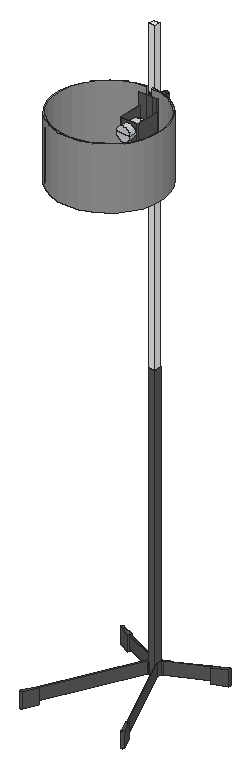
Revit family "Indoor_Floor Lamp_Santa&Cole_TMC", category Luminarias, Revit 2018
Family settings
  Cota de conector redondo = Diámetro de uso
  Tipo de pieza = Normal
  Número OmniClass = 23.80.70.00
  Título OmniClass = Lighting
  Se basa en plano de trabajo = No
  Siempre vertical = Sí
  Corte con vacíos al cargar = No
  Origen de luz = Sí
  Compartido = No
  Punto de cálculo de habitación = No
Parameters
  Wattage = 10.2395 W
  Technical Information = "https://www.santacole.com/recursos/productos/downloads/pdf_espec_tecnicas/SC_TMC_data%20sheet.pdf"
  built-in parameter 1150110 = 1 (stored number, unit not read)
  URL = "https://www.santacole.com/en/catalogue/floor-lamps/tmc"
  Manufacturer website = "http://www.santacole.com"
  built-in parameter 1114217 = 1 (stored number, unit not read)
  built-in parameter 1150109 = 1 (stored number, unit not read)
  Energy Label = "https://www.santacole.com/recursos/productos/downloads/pdf_energy_label/Energy%20Label_TMC_without_bulb.pdf"
  Designed by = "Miguel Milá. 1961"
  Contact phone = "+34.938.619.100"
  Contact e-mail = "info@santacole.com"
  built-in parameter 1150134 = (empty or 0)
  built-in parameter 1150113 = 1 (stored number, unit not read)
  Modelo = "TMC"
  Fabricante = "Santa & Cole"
  Lumens = 1521 lm
  built-in parameter 1150115 = 1 (stored number, unit not read)
  built-in parameter 1150105 = 121.04 (stored number, unit not read)
  Load = 12 W
  Tamaño de símbolo de origen de luz = 50 mm
  built-in parameter 1150137 = (empty or 0)
  built-in parameter 1150139 = (empty or 0)
  built-in parameter 1150112 = 1 (stored number, unit not read)
  built-in parameter 1150114 = 1 (stored number, unit not read)
  Lamp = ""
  built-in parameter 1150132 = 2
  built-in parameter 1150102 = (empty or 0)
  built-in parameter 1150138 = (empty or 0)
  built-in parameter 1150107 = 2700 (stored number, unit not read)
  built-in parameter 1150106 = 1.2104 (stored number, unit not read)
  built-in parameter 1150104 = 13.8 (stored number, unit not read)
  Code = "TMC11"
  Dimming Lamp Color Temperature Shift = (empty or 0)
  Color Filter = 16777215
  built-in parameter 1114218 = 1 (stored number, unit not read)
  Assembly instructions - UL = "https://www.santacole.com/recursos/productos/downloads/pdf_montaje/TMC_im_UL.pdf"
  Assembly instructions - CE = "https://www.santacole.com/recursos/productos/downloads/pdf_montaje/TMC_im.pdf"
  built-in parameter 1150133 = 10 (stored number, unit not read)
  Apparent Load = 12 VA
Reference planes
  plane 1 "Light Source Axis (F/B)": y = 0
  plane 2: z = 0
  plane 3 "Light Source Axis (L/R)": x = 0
  plane 4 "Light Source Elevation": z = 1460
  plane 5 "Bombilla": z = 1469
Forms (mm)
  Extrusion 1, solid, material "Santa & Cole - Black Metallic Finish"
    sketch origin (0, 0, 0) x (1, 0, 0) y (0, 1, 0)
      loop
        line (-120.038, 57.446) -> (-15.732, 8.808)
        arc (-15.732, 8.808) -> (-14.47, 7.701) -> (-14, 6.089) r 3
        line (-14, 6.089) -> (-14, -7.335)
        arc (-14, -7.335) -> (-14.071, -7.984) -> (-14.281, -8.603) r 3
        line (-14.281, -8.603) -> (-132.333, -261.766) -> (-128.708, -263.457) -> (-10.656, -10.293)
        arc (-10.656, -10.293) -> (-10.166, -8.85) -> (-10, -7.335) r 7
        line (-10, -7.335) -> (-10, 6.089)
        arc (-10, 6.089) -> (-11.096, 9.85) -> (-14.042, 12.433) r 7
        line (-14.042, 12.433) -> (-118.348, 61.072) -> (-120.038, 57.446)
      loop
        line (120.038, 57.446) -> (118.348, 61.072) -> (14.042, 12.433)
        arc (14.042, 12.433) -> (11.096, 9.85) -> (10, 6.089) r 7
        line (10, 6.089) -> (10, -7.335)
        arc (10, -7.335) -> (10.166, -8.85) -> (10.656, -10.293) r 7
        line (10.656, -10.293) -> (128.708, -263.457) -> (132.333, -261.766) -> (14.281, -8.603)
        arc (14.281, -8.603) -> (14.071, -7.984) -> (14, -7.335) r 3
        line (14, -7.335) -> (14, 6.089)
        arc (14, 6.089) -> (14.47, 7.701) -> (15.732, 8.808) r 3
        line (15.732, 8.808) -> (120.038, 57.446)
    from 9 to 44
  Extrusion 2, solid, material "Santa & Cole - Black Metallic Finish"
    sketch origin (0, 0, 0) x (1, 0, 0) y (0, 1, 0)
      loop
        line (-10, 10) -> (-10, -10) -> (10, -10) -> (10, 10) -> (-10, 10)
    from 9 to 809
  Extrusion 3, solid, material "Santa & Cole - Chrome Metal"
    sketch origin (0, 0, 0) x (1, 0, 0) y (0, 1, 0)
      loop
        line (-8.5, 8.5) -> (-8.5, -8.5) -> (8.5, -8.5) -> (8.5, 8.5) -> (-8.5, 8.5)
    from 809 to 1709
  Extrusion 4, solid, material "Santa & Cole - Black Metallic Finish"
    sketch origin (0, 0, 0) x (1, 0, 0) y (0, 1, 0)
      loop
        line (-117.502, 62.884) -> (-153.755, 79.789)
        arc (-153.755, 79.789) -> (-159.07, 77.854) -> (-157.136, 72.538) r 4
        line (-157.136, 72.538) -> (-120.883, 55.634) -> (-117.502, 62.884)
      loop
        line (-134.146, -260.921) -> (-151.05, -297.173)
        arc (-151.05, -297.173) -> (-149.116, -302.489) -> (-143.8, -300.554) r 4
        line (-143.8, -300.554) -> (-126.895, -264.302) -> (-134.146, -260.921)
      loop
        line (117.502, 62.884) -> (120.883, 55.634) -> (157.136, 72.538)
        arc (157.136, 72.538) -> (159.07, 77.854) -> (153.755, 79.789) r 4
        line (153.755, 79.789) -> (117.502, 62.884)
      loop
        line (134.146, -260.921) -> (126.895, -264.302) -> (143.8, -300.554)
        arc (143.8, -300.554) -> (149.116, -302.489) -> (151.05, -297.173) r 4
        line (151.05, -297.173) -> (134.146, -260.921)
    from 0 to 44
  Extrusion 5, solid, material "Santa & Cole - Black Metallic Finish"
    sketch origin (0, 0, 0) x (1, 0, 0) y (0, 1, 0)
      loop
        line (-8.5, 8.5) -> (-8.5, -8.5) -> (8.5, -8.5) -> (8.5, 8.5) -> (-8.5, 8.5)
      loop
        arc (-8.481, 10) -> (-9.555, 9.555) -> (-10, 8.481) r 1.519
        line (-10, 8.481) -> (-10, -8.5)
        arc (-10, -8.5) -> (-9.561, -9.561) -> (-8.5, -10) r 1.5
        line (-8.5, -10) -> (8.5, -10)
        arc (8.5, -10) -> (9.561, -9.561) -> (10, -8.5) r 1.5
        line (10, -8.5) -> (10, 8.5)
        arc (10, 8.5) -> (9.561, 9.561) -> (8.5, 10) r 1.5
        line (8.5, 10) -> (-8.481, 10)
    from 1389 to 1529
  Sweep 6, solid, material "Santa & Cole - Black Metallic Finish"
    path origin (0, 0, 0) x (0, 1, 0) y (0, 0, 1)
      loop
        line (10, 1514.5) -> (35, 1514.5)
        arc (35, 1514.5) -> (45.96, 1509.96) -> (50.5, 1499) r 15.5
        line (50.5, 1499) -> (50.5, 1419)
        arc (50.5, 1419) -> (45.96, 1408.04) -> (35, 1403.5) r 15.5
        line (35, 1403.5) -> (10, 1403.5)
    profile origin (0, 50.5, 1459) x (1, 0, 0) y (0, 1, 0)
      loop
        circle (0, -5.5) r 5.5
  Revolve 7, solid, material "Santa & Cole - Methacrylate"
    sketch origin (0, 0, 0) x (0, 1, 0) y (0, 0, 1)
      loop
        line (-19.031, 1549) -> (-19.031, 1369) -> (-16.031, 1369) -> (-16.031, 1549) -> (-19.031, 1549)
      axis (-165.998, 1549) -> (-165.998, 1369)
    angle from 2.87 to 357.13
  Extrusion 8, solid, material "Santa & Cole - Black Metallic Finish"
    sketch origin (0, 0, 0) x (1, 0, 0) y (0, 1, 0)
      loop
        line (-8.761, -14) -> (-26.176, -15.943) -> (-25.954, -17.931) -> (-8.705, -16.006) -> (8.705, -16.006) -> (25.954, -17.931) -> (26.176, -15.943) -> (8.761, -14) -> (-8.761, -14)
      loop
        line (-8.761, -19.437) -> (-26.176, -21.381) -> (-25.954, -23.369) -> (-8.705, -21.444) -> (8.705, -21.444) -> (25.954, -23.369) -> (26.176, -21.381) -> (8.761, -19.437) -> (-8.761, -19.437)
    from 1389 to 1529
  Extrusion 9, solid, material "Santa & Cole - Black Metallic Finish"
    sketch origin (0, 0, 0) x (1, 0, 0) y (0, 1, 0)
      loop
        line (-26, -22.962) -> (-26, -90.462)
        arc (-26, -90.462) -> (-25.268, -92.23) -> (-23.5, -92.962) r 2.5
        line (-23.5, -92.962) -> (23.5, -92.962)
        arc (23.5, -92.962) -> (25.268, -92.23) -> (26, -90.462) r 2.5
        line (26, -90.462) -> (26, -22.962) -> (24.5, -22.962) -> (24.5, -90.462)
        arc (24.5, -90.462) -> (24.207, -91.169) -> (23.5, -91.462) r 1
        line (23.5, -91.462) -> (-23.5, -91.462)
        arc (-23.5, -91.462) -> (-24.207, -91.169) -> (-24.5, -90.462) r 1
        line (-24.5, -90.462) -> (-24.5, -22.962) -> (-26, -22.962)
    from 1444 to 1494
  Revolve 10, solid
    sketch origin (0, 0, 1469) x (0, 1, 0) y (-1, 0, 0)
      loop
        line (-46.962, 0) -> (-46.962, 10)
        arc (-46.962, 10) -> (-52.965, 15.475) -> (-60.781, 17.694) r 17.712
        line (-60.781, 17.694) -> (-92.962, 19.15) -> (-113.962, 20.1) -> (-113.962, 0) -> (-46.962, 0)
      axis (-113.962, 0) -> (-46.962, 0)
    angle from 0 to 360
  Revolve 11, solid, material "Santa & Cole - Black Metallic Finish"
    sketch origin (0, 0, 0) x (0, 1, 0) y (0, 0, 1)
      loop
        line (-10, 1516.5) -> (-14, 1516.5) -> (-14, 1509) -> (-10, 1509) -> (-10, 1516.5)
      axis (-14, 1509) -> (-10, 1509)
    angle from 0 to 360
  Revolve 12, solid, material "Santa & Cole - Black Metallic Finish"
    sketch origin (0, 0, -100) x (0, 1, 0) y (0, 0, 1)
      loop
        line (-10, 1516.5) -> (-14, 1516.5) -> (-14, 1509) -> (-10, 1509) -> (-10, 1516.5)
      axis (-14, 1509) -> (-10, 1509)
    angle from 0 to 360
Lines and regions (mm)
  model lines, style "Predeterminado", not visible
    curve 1: line (0, -3.75, 375) -> (0, 3.75, 375)
    curve 2: line (0, 3.75, 375) -> (0, -3.75, 375)
    curve 3: line (0, 15, 86.75) -> (0, -15, 86.75)
    curve 4: line (0, -10, 65) -> (0, -15, 82.176)
    curve 5: line (0, -10, 25) -> (0, -10, 65)
    curve 6: line (0, 6.344, 17.27) -> (0, 10, 25)
    curve 7: line (0, -1.951, 15.192) -> (0, 6.344, 17.27)
    curve 8: line (0, -10, 25) -> (0, -1.951, 15.192)
    curve 9: line (0, 10, 25) -> (0, 10, 65)
    curve 10: line (0, 15, 82.176) -> (0, 10, 65)
    curve 11: line (0, 15, 86.75) -> (0, -15, 86.75)
Dimensions and locks
  plane 1 "Light Source Axis (F/B)" to Extrusion 8 = 16.006 mm
  aligned and locked: plane 3 "Light Source Axis (L/R)" to imposter light
  aligned and locked: plane 4 "Light Source Elevation" to imposter light
  aligned and locked: level to plane 2
